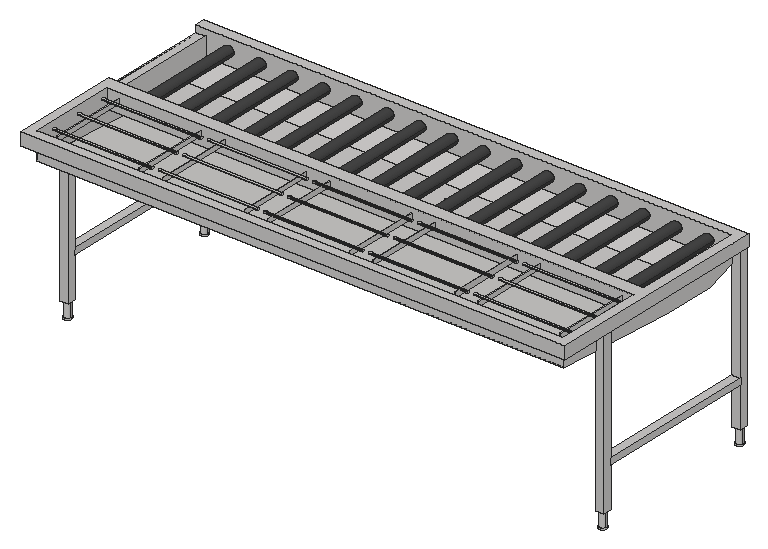
Revit family "QF_ELECTROLUXPROFESSIONAL_865259_HSMSS5RL", category Specialty Equipment, Revit 2018
Family settings
  Round Connector Dimension = Use Diameter
  Part Type = Normal
  Work Plane-Based = No
  Always vertical = Yes
  Cut with Voids When Loaded = No
  Shared = No
  Room Calculation Point = No
Parameters
  Weight = 0.00 kg
  Watts = 0 W
  Volts = 0 V
  URL Manufacturer = ""
  Steam Supply Size = 0 mm
  Steam Supply Minimum Pressure = 0.0 Pa
  Steam Supply Maximum Pressure = 0.0 Pa
  Steam Pounds per Hour = 0
  Refrigeration Suction Line Size = 0 mm
  Refrigeration Liquid Line Size = 0 mm
  Refrigerant Compressor Remote = yes
  Phase = 0
  Length Actual = 0 mm
  Item Number = ""
  Hot Water Size = 0 mm
  Height Actual = 0 mm
  HP = ""
  Gas Size = 0 mm
  Gas KW = 0
  Gas Input Pressure = 0 W
  Depth Actual = 0 mm
  Cycle = 0 Hz
  Condensate Return Size = 0 mm
  Compressed Air Volume = 0.0 L/s
  Compressed Air Size = 0 mm
  Compressed Air Pressure = 0.0 Pa
  Cold Water Size = 0 mm
  Accessory = yes
Reference planes
  plane 1: z = 0
  plane 2 "RIGHT": x = 1320
  plane 3: z = 910
  plane 4: z = 0
  plane 5: z = 300
  plane 6 "BACK": y = 310
  plane 7 "FRONT": y = -800
  plane 8 "LEFT": x = -1320
  plane 9 "Center": y = 0
Forms (mm)
  Extrusion 1, solid, material "QF_Finishes_Stainless Steel"
    sketch origin (0, 0, 0) x (-1, 0, 0) y (0, -1, 0)
      loop
        line (1320, 800) -> (-1320, 800) -> (-1320, -310) -> (1320, -310) -> (1320, -265) -> (-1275, -265) -> (-1275, 755) -> (1275, 755) -> (1275, 265) -> (1320, 265) -> (1320, 800)
    from 850.091 to 910
  Extrusion 2, solid, material "QF_Finishes_Stainless Steel"
    sketch origin (0, 0, 0) x (0, 1, 0) y (0, 0, -1)
      loop
        line (-756.248, -850.091) -> (-755, -850.091) -> (-755, -784.848) -> (-131.111, -741.138) -> (130.374, -741.138) -> (265, -784.879) -> (265, -850.091) -> (266.249, -850.091) -> (266.249, -782.13) -> (130.849, -738.138) -> (-131.216, -738.138) -> (-756.248, -781.928) -> (-756.248, -850.091)
    from -1275 to 1275
  Revolve 3, solid, material "QF_Finishes_Stainless Steel"
    sketch origin (-0.025, 0.526, -123.199) x (-1, 0, 0) y (0, 0, -1)
      loop
        line (76.494, -861.337) -> (76.494, -847.59)
        arc (76.494, -847.59) -> (75.89, -845.987) -> (74.39, -845.16) r 2.474
        arc (74.39, -845.16) -> (71.083, -841.301) -> (74.377, -837.43) r 3.913
        arc (74.377, -837.43) -> (75.887, -836.598) -> (76.494, -834.985) r 2.49
        line (76.494, -834.985) -> (76.494, -794.661)
        arc (76.494, -794.661) -> (65.844, -763.962) -> (38.457, -746.476) r 49.516
        line (38.457, -746.476) -> (38.457, -743.987) -> (37.25, -742.336) -> (37.25, -740.749) -> (23.47, -734.749) -> (23.47, -698.838) -> (21.946, -697.377) -> (0, -697.377) -> (0, -861.337) -> (76.494, -861.337)
      axis (0, -861.337) -> (0, -697.377)
    angle from 0 to 360
  Extrusion 4, solid, material "QF_Finishes_Stainless Steel"
    sketch origin (0, 0, 0) x (-1, 0, 0) y (0, -1, 0)
      loop
        line (-1275, 330.124) -> (-1275, 265) -> (1275, 265) -> (1275, 330.124) -> (-1275, 330.124)
    from 820 to 910
  Extrusion 5, solid, material "QF_Finishes_Stainless Steel"
    sketch origin (6.015, 0, -602.691) x (-1, 0, 0) y (0, -1, 0)
      loop
        line (1283.015, -266.249) -> (1323.015, -266.249) -> (1323.015, 521.738) -> (1283.015, 521.738) -> (1283.015, -266.249)
    from 872.691 to 902.691
  Extrusion 6, solid, material "QF_Finishes_Stainless Steel"
    sketch origin (-1277, 0, 0) x (0, 1, 0) y (0, 0, -1)
      loop
        line (-756.248, -781.928) -> (-756.248, -850.091) -> (-265, -850.091) -> (-265, -875) -> (265, -875) -> (265, -850.091) -> (266.249, -850.091) -> (266.249, -782.13) -> (130.849, -738.138) -> (-131.216, -738.138) -> (-756.248, -781.928)
    from 0 to -2
  Extrusion 7, solid, material "QF_Finishes_Stainless Steel"
    sketch origin (1277, 0, 0) x (0, 1, 0) y (0, 0, 1)
      loop
        line (-756.248, 850.091) -> (-756.248, 781.928) -> (-131.216, 738.138) -> (130.849, 738.138) -> (266.249, 782.13) -> (266.249, 850.091) -> (-756.248, 850.091)
    from 0 to -2
  Extrusion 8, solid, material "QF_Finishes_Stainless Steel"
    sketch origin (-6, 0.054, -598.981) x (1, 0, 0) y (0, 1, 0)
      loop
        line (1283, 266.195) -> (1283, -521.792) -> (1323, -521.792) -> (1323, 266.195) -> (1283, 266.195)
    from 869.081 to 898.981
  Extrusion 9, solid, material "QF_Finishes_Black"
    sketch origin (0, -2.5, 0) x (-1, 0, 0) y (0, 0, 1)
      loop
        circle (1162.5, 850.047) r 25
      loop
        circle (1007.5, 850.047) r 25
      loop
        circle (852.5, 850.047) r 25
      loop
        circle (697.5, 850.047) r 25
      loop
        circle (542.5, 850.047) r 25
      loop
        circle (387.5, 850.047) r 25
      loop
        circle (232.5, 850.047) r 25
      loop
        circle (77.5, 850.047) r 25
      loop
        circle (-77.5, 850.047) r 25
      loop
        circle (-232.5, 850.047) r 25
      loop
        circle (-387.5, 850.047) r 25
      loop
        circle (-542.5, 850.047) r 25
      loop
        circle (-697.5, 850.047) r 25
      loop
        circle (-852.5, 850.047) r 25
      loop
        circle (-1007.5, 850.047) r 25
      loop
        circle (-1162.5, 850.047) r 25
    from -262.5 to 267.5
  Extrusion 10, solid, material "QF_Finishes_Stainless Steel"
    sketch origin (0, -7.263, 2.863) x (-1, 0, 0) y (0, -1, 0)
      loop
        line (-1220.049, 694.438) -> (-1220.049, 322.861) -> (-1217.001, 322.861) -> (-1217.001, 694.438) -> (-1220.049, 694.438)
      loop
        line (-823.039, 694.438) -> (-823.039, 322.861) -> (-819.991, 322.861) -> (-819.991, 694.438) -> (-823.039, 694.438)
      loop
        line (-200.029, 694.438) -> (-200.029, 322.861) -> (-196.981, 322.861) -> (-196.981, 694.438) -> (-200.029, 694.438)
      loop
        line (196.981, 694.438) -> (196.981, 322.861) -> (200.029, 322.861) -> (200.029, 694.438) -> (196.981, 694.438)
      loop
        line (-710.007, 694.438) -> (-710.007, 322.861) -> (-707.023, 322.861) -> (-707.023, 694.438) -> (-710.007, 694.438)
      loop
        line (-312.998, 694.438) -> (-312.998, 322.861) -> (-310.013, 322.861) -> (-310.013, 694.438) -> (-312.998, 694.438)
      loop
        line (1220.049, 694.438) -> (1217.001, 694.438) -> (1217.001, 322.861) -> (1220.049, 322.861) -> (1220.049, 694.438)
      loop
        line (823.039, 694.438) -> (819.991, 694.438) -> (819.991, 322.861) -> (823.039, 322.861) -> (823.039, 694.438)
      loop
        line (710.007, 694.438) -> (707.023, 694.438) -> (707.023, 322.861) -> (710.007, 322.861) -> (710.007, 694.438)
      loop
        line (312.997, 694.438) -> (310.013, 694.438) -> (310.013, 322.861) -> (312.997, 322.861) -> (312.997, 694.438)
    from 860 to 881.896
  Extrusion 11, solid, material "QF_Finishes_Stainless Steel"
    sketch origin (-2327.512, 265, 0) x (0, 1, 0) y (0, 0, 1)
      loop
        circle (-937.158, 888.745) r 3.985
      loop
        circle (-788.819, 888.745) r 3.985
      loop
        circle (-640.48, 888.745) r 3.985
    from 1067.5 to 1547.5
  Extrusion 12, solid, material "QF_Finishes_Stainless Steel"
    sketch origin (-1817.533, 265, 0) x (0, 1, 0) y (0, 0, 1)
      loop
        circle (-937.158, 888.745) r 3.985
      loop
        circle (-788.819, 888.745) r 3.985
      loop
        circle (-640.48, 888.745) r 3.985
    from 1067.5 to 1547.5
  Extrusion 13, solid, material "QF_Finishes_Stainless Steel"
    sketch origin (-1307.491, 265, 0) x (0, 1, 0) y (0, 0, 1)
      loop
        circle (-937.158, 888.745) r 3.985
      loop
        circle (-788.819, 888.745) r 3.985
      loop
        circle (-640.48, 888.745) r 3.985
    from 1067.5 to 1547.5
  Extrusion 14, solid, material "QF_Finishes_Stainless Steel"
    sketch origin (-797.513, 265, 0) x (0, 1, 0) y (0, 0, 1)
      loop
        circle (-937.158, 888.745) r 3.985
      loop
        circle (-788.819, 888.745) r 3.985
      loop
        circle (-640.48, 888.745) r 3.985
    from 1067.5 to 1547.5
  Extrusion 15, solid, material "QF_Finishes_Stainless Steel"
    sketch origin (-287.471, 265, 0) x (0, 1, 0) y (0, 0, 1)
      loop
        circle (-937.158, 888.745) r 3.985
      loop
        circle (-788.819, 888.745) r 3.985
      loop
        circle (-640.48, 888.745) r 3.985
    from 1067.5 to 1547.5
  Extrusion 16, solid, material "QF_Finishes_Stainless Steel"
    sketch origin (-1767.022, 52.5, 0) x (0, 1, 0) y (0, 0, -1)
      loop
        line (-362.5, -835) -> (-362.5, -850.091) -> (-317.5, -850.091) -> (-317.5, -875) -> (212.5, -875) -> (212.5, -850.091) -> (257.5, -850.091) -> (257.5, -835) -> (242.5, -820) -> (-347.5, -820) -> (-362.5, -835)
    from -450 to -447.022
  Extrusion 17, solid, material "QF_Finishes_Stainless Steel"
    sketch origin (1280, 265, 0) x (-1, 0, 0) y (0, 0, -1)
      loop
        line (2597.022, -875) -> (2597.022, -872) -> (2557, -872) -> (2557, -875) -> (2597.022, -875)
    from 0 to 530
Cuts and joins
  joined: Extrusion 1, Extrusion 2, Revolve 3, Extrusion 4, Extrusion 6, Extrusion 7, Extrusion 10, Extrusion 11, Extrusion 12, Extrusion 13, Extrusion 14, Extrusion 15, Extrusion 16, Extrusion 17
Lines and regions (mm)
  Split face 1
    outline origin (0, -123.728, 741.138) x (0, 1, 0) y (-1, 0, 0)
      loop
        circle (123.685, -0.035) r 73.783
  Split face 2
    outline origin (0, -123.728, 741.138) x (0, 1, 0) y (-1, 0, 0)
      loop
        circle (123.685, -0.035) r 66.01
  Split face 3
    outline origin (0, -123.728, 741.138) x (0, 1, 0) y (-1, 0, 0)
      loop
        circle (123.685, -0.035) r 53.774
  Split face 4
    outline origin (0, -123.728, 741.138) x (0, 1, 0) y (-1, 0, 0)
      loop
        circle (123.685, -0.035) r 50.771
  Split face 5
    outline origin (0, -123.728, 741.138) x (0, 1, 0) y (-1, 0, 0)
      loop
        circle (123.685, -0.035) r 33.793
  Split face 6
    outline origin (0, -123.728, 741.138) x (0, 1, 0) y (-1, 0, 0)
      loop
        circle (123.685, -0.035) r 30.826
  Split face 7
    outline origin (0, -123.728, 741.138) x (0, 1, 0) y (-1, 0, 0)
      loop
        circle (123.685, -0.035) r 13.843
  Split face 8
    outline origin (0, -123.728, 741.138) x (0, 1, 0) y (-1, 0, 0)
      loop
        circle (123.685, -0.035) r 10.833
  symbolic lines
    curve 1: line (-1320, 310, 0) -> (1320, 310, 0)
    curve 2: line (-1320, -800, 0) -> (-1320, 310, 0)
    curve 3: line (1320, -800, 0) -> (-1320, -800, 0)
    curve 4: line (1320, 310, 0) -> (1320, -800, 0)
    curve 5: line (-1320, 265, 0) -> (1275, 265, 0)
    curve 6: line (-1275, -755, 0) -> (-1275, 265, 0)
    curve 7: line (1275, -755, 0) -> (-1275, -755, 0)
    curve 8: line (1275, -265, 0) -> (1275, -755, 0)
    curve 9: line (-1320, -265, 0) -> (1275, -265, 0)
    curve 10: line (1275, -330.124, 0) -> (-1275, -330.124, 0)
    curve 11: line (-1260.012, -371.495, 0) -> (-1260.012, -379.465, 0)
    curve 12: line (-1260.012, -379.465, 0) -> (-780.012, -379.465, 0)
    curve 13: line (-780.012, -379.465, 0) -> (-780.012, -371.495, 0)
    curve 14: line (-780.012, -371.495, 0) -> (-1260.012, -371.495, 0)
    curve 15: line (-1260.012, -519.834, 0) -> (-1260.012, -527.804, 0)
    curve 16: line (-1260.012, -527.804, 0) -> (-780.012, -527.804, 0)
    curve 17: line (-780.012, -527.804, 0) -> (-780.012, -519.834, 0)
    curve 18: line (-780.012, -519.834, 0) -> (-1260.012, -519.834, 0)
    curve 19: line (-1260.012, -668.173, 0) -> (-1260.012, -676.143, 0)
    curve 20: line (-1260.012, -676.143, 0) -> (-780.012, -676.143, 0)
    curve 21: line (-780.012, -676.143, 0) -> (-780.012, -668.173, 0)
    curve 22: line (-780.012, -668.173, 0) -> (-1260.012, -668.173, 0)
    curve 23: line (-1220.049, -330.124, 0) -> (-1220.049, -371.495, 0)
    curve 24: line (-1217.001, -330.124, 0) -> (-1217.001, -371.495, 0)
    curve 25: line (-1220.049, -379.465, 0) -> (-1220.049, -519.834, 0)
    curve 26: line (-1220.049, -701.7, 0) -> (-1220.049, -676.143, 0)
    curve 27: line (-1220.049, -701.7, 0) -> (-1217.001, -701.7, 0)
    curve 28: line (-1217.001, -701.7, 0) -> (-1217.001, -676.143, 0)
    curve 29: line (-1220.049, -668.173, 0) -> (-1220.049, -527.804, 0)
    curve 30: line (-1217.001, -527.804, 0) -> (-1217.001, -668.173, 0)
    curve 31: line (-1217.001, -519.834, 0) -> (-1217.001, -379.465, 0)
    curve 32: line (-823.039, -330.124, 0) -> (-823.039, -371.495, 0)
    curve 33: line (-819.992, -330.124, 0) -> (-819.992, -371.495, 0)
    curve 34: line (-823.039, -379.465, 0) -> (-823.039, -519.834, 0)
    curve 35: line (-823.039, -701.7, 0) -> (-823.039, -676.143, 0)
    curve 36: line (-823.039, -701.7, 0) -> (-819.992, -701.7, 0)
    curve 37: line (-819.992, -701.7, 0) -> (-819.992, -676.143, 0)
    curve 38: line (-823.039, -668.173, 0) -> (-823.039, -527.804, 0)
    curve 39: line (-819.992, -527.804, 0) -> (-819.992, -668.173, 0)
    curve 40: line (-819.992, -519.834, 0) -> (-819.992, -379.465, 0)
    curve 41: line (-750.033, -371.495, 0) -> (-750.033, -379.465, 0)
    curve 42: line (-750.033, -379.465, 0) -> (-270.033, -379.465, 0)
    curve 43: line (-270.033, -379.465, 0) -> (-270.033, -371.495, 0)
    curve 44: line (-270.033, -371.495, 0) -> (-750.033, -371.495, 0)
    curve 45: line (-750.033, -519.834, 0) -> (-750.033, -527.804, 0)
    curve 46: line (-750.033, -527.804, 0) -> (-270.033, -527.804, 0)
    curve 47: line (-270.033, -527.804, 0) -> (-270.033, -519.834, 0)
    curve 48: line (-270.033, -519.834, 0) -> (-750.033, -519.834, 0)
    curve 49: line (-750.033, -668.173, 0) -> (-750.033, -676.143, 0)
    curve 50: line (-750.033, -676.143, 0) -> (-270.033, -676.143, 0)
    curve 51: line (-270.033, -676.143, 0) -> (-270.033, -668.173, 0)
    curve 52: line (-270.033, -668.173, 0) -> (-750.033, -668.173, 0)
    curve 53: line (-710.071, -330.124, 0) -> (-710.071, -371.495, 0)
    curve 54: line (-707.023, -330.124, 0) -> (-707.023, -371.495, 0)
    curve 55: line (-710.071, -379.465, 0) -> (-710.071, -519.834, 0)
    curve 56: line (-710.071, -701.7, 0) -> (-710.071, -676.143, 0)
    curve 57: line (-710.071, -701.7, 0) -> (-707.023, -701.7, 0)
    curve 58: line (-707.023, -701.7, 0) -> (-707.023, -676.143, 0)
    curve 59: line (-710.071, -668.173, 0) -> (-710.071, -527.804, 0)
    curve 60: line (-707.023, -527.804, 0) -> (-707.023, -668.173, 0)
    curve 61: line (-707.023, -519.834, 0) -> (-707.023, -379.465, 0)
    curve 62: line (-313.061, -330.124, 0) -> (-313.061, -371.495, 0)
    curve 63: line (-310.013, -330.124, 0) -> (-310.013, -371.495, 0)
    curve 64: line (-313.061, -379.465, 0) -> (-313.061, -519.834, 0)
    curve 65: line (-313.061, -701.7, 0) -> (-313.061, -676.143, 0)
    curve 66: line (-313.061, -701.7, 0) -> (-310.013, -701.7, 0)
    curve 67: line (-310.013, -701.7, 0) -> (-310.013, -676.143, 0)
    curve 68: line (-313.061, -668.173, 0) -> (-313.061, -527.804, 0)
    curve 69: line (-310.013, -527.804, 0) -> (-310.013, -668.173, 0)
    curve 70: line (-310.013, -519.834, 0) -> (-310.013, -379.465, 0)
    curve 71: line (-239.991, -371.495, 0) -> (-239.991, -379.465, 0)
    curve 72: line (-239.991, -379.465, 0) -> (240.009, -379.465, 0)
    curve 73: line (240.009, -379.465, 0) -> (240.009, -371.495, 0)
    curve 74: line (240.009, -371.495, 0) -> (-239.991, -371.495, 0)
    curve 75: line (-239.991, -519.834, 0) -> (-239.991, -527.804, 0)
    curve 76: line (-239.991, -527.804, 0) -> (240.009, -527.804, 0)
    curve 77: line (240.009, -527.804, 0) -> (240.009, -519.834, 0)
    curve 78: line (240.009, -519.834, 0) -> (-239.991, -519.834, 0)
    curve 79: line (-239.991, -668.173, 0) -> (-239.991, -676.143, 0)
    curve 80: line (-239.991, -676.143, 0) -> (240.009, -676.143, 0)
    curve 81: line (240.009, -676.143, 0) -> (240.009, -668.173, 0)
    curve 82: line (240.009, -668.173, 0) -> (-239.991, -668.173, 0)
    curve 83: line (-200.029, -330.124, 0) -> (-200.029, -371.495, 0)
    curve 84: line (-196.981, -330.124, 0) -> (-196.981, -371.495, 0)
    curve 85: line (-200.029, -379.465, 0) -> (-200.029, -519.834, 0)
    curve 86: line (-200.029, -701.7, 0) -> (-200.029, -676.143, 0)
    curve 87: line (-200.029, -701.7, 0) -> (-196.981, -701.7, 0)
    curve 88: line (-196.981, -701.7, 0) -> (-196.981, -676.143, 0)
    curve 89: line (-200.029, -668.173, 0) -> (-200.029, -527.804, 0)
    curve 90: line (-196.981, -527.804, 0) -> (-196.981, -668.173, 0)
    curve 91: line (-196.981, -519.834, 0) -> (-196.981, -379.465, 0)
    curve 92: line (196.981, -330.124, 0) -> (196.981, -371.495, 0)
    curve 93: line (200.029, -330.124, 0) -> (200.029, -371.495, 0)
    curve 94: line (196.981, -379.465, 0) -> (196.981, -519.834, 0)
    curve 95: line (196.981, -701.7, 0) -> (196.981, -676.143, 0)
    curve 96: line (196.981, -701.7, 0) -> (200.029, -701.7, 0)
    curve 97: line (200.029, -701.7, 0) -> (200.029, -676.143, 0)
    curve 98: line (196.981, -668.173, 0) -> (196.981, -527.804, 0)
    curve 99: line (200.029, -527.804, 0) -> (200.029, -668.173, 0)
    curve 100: line (200.029, -519.834, 0) -> (200.029, -379.465, 0)
    curve 101: line (269.987, -371.495, 0) -> (269.987, -379.465, 0)
    curve 102: line (269.987, -379.465, 0) -> (749.987, -379.465, 0)
    curve 103: line (749.987, -379.465, 0) -> (749.987, -371.495, 0)
    curve 104: line (749.987, -371.495, 0) -> (269.987, -371.495, 0)
    curve 105: line (269.987, -519.834, 0) -> (269.987, -527.804, 0)
    curve 106: line (269.987, -527.804, 0) -> (749.987, -527.804, 0)
    curve 107: line (749.987, -527.804, 0) -> (749.987, -519.834, 0)
    curve 108: line (749.987, -519.834, 0) -> (269.987, -519.834, 0)
    curve 109: line (269.987, -668.173, 0) -> (269.987, -676.143, 0)
    curve 110: line (269.987, -676.143, 0) -> (749.987, -676.143, 0)
    curve 111: line (749.987, -676.143, 0) -> (749.987, -668.173, 0)
    curve 112: line (749.987, -668.173, 0) -> (269.987, -668.173, 0)
    curve 113: line (309.95, -330.124, 0) -> (309.95, -371.495, 0)
    curve 114: line (312.998, -330.124, 0) -> (312.998, -371.495, 0)
    curve 115: line (309.95, -379.465, 0) -> (309.95, -519.834, 0)
    curve 116: line (309.95, -701.7, 0) -> (309.95, -676.143, 0)
    curve 117: line (309.95, -701.7, 0) -> (312.998, -701.7, 0)
    curve 118: line (312.998, -701.7, 0) -> (312.998, -676.143, 0)
    curve 119: line (309.95, -668.173, 0) -> (309.95, -527.804, 0)
    curve 120: line (312.998, -527.804, 0) -> (312.998, -668.173, 0)
    curve 121: line (312.998, -519.834, 0) -> (312.998, -379.465, 0)
    curve 122: line (706.959, -330.124, 0) -> (706.959, -371.495, 0)
    curve 123: line (710.007, -330.124, 0) -> (710.007, -371.495, 0)
    curve 124: line (706.959, -379.465, 0) -> (706.959, -519.834, 0)
    curve 125: line (706.959, -701.7, 0) -> (706.959, -676.143, 0)
    curve 126: line (706.959, -701.7, 0) -> (710.007, -701.7, 0)
    curve 127: line (710.007, -701.7, 0) -> (710.007, -676.143, 0)
    curve 128: line (706.959, -668.173, 0) -> (706.959, -527.804, 0)
    curve 129: line (710.007, -527.804, 0) -> (710.007, -668.173, 0)
    curve 130: line (710.007, -519.834, 0) -> (710.007, -379.465, 0)
    curve 131: line (780.029, -371.495, 0) -> (780.029, -379.465, 0)
    curve 132: line (780.029, -379.465, 0) -> (1260.029, -379.465, 0)
    curve 133: line (1260.029, -379.465, 0) -> (1260.029, -371.495, 0)
    curve 134: line (1260.029, -371.495, 0) -> (780.029, -371.495, 0)
    curve 135: line (780.029, -519.834, 0) -> (780.029, -527.804, 0)
    curve 136: line (780.029, -527.804, 0) -> (1260.029, -527.804, 0)
    curve 137: line (1260.029, -527.804, 0) -> (1260.029, -519.834, 0)
    curve 138: line (1260.029, -519.834, 0) -> (780.029, -519.834, 0)
    curve 139: line (780.029, -668.173, 0) -> (780.029, -676.143, 0)
    curve 140: line (780.029, -676.143, 0) -> (1260.029, -676.143, 0)
    curve 141: line (1260.029, -676.143, 0) -> (1260.029, -668.173, 0)
    curve 142: line (1260.029, -668.173, 0) -> (780.029, -668.173, 0)
    curve 143: line (819.991, -330.124, 0) -> (819.991, -371.495, 0)
    curve 144: line (823.039, -330.124, 0) -> (823.039, -371.495, 0)
    curve 145: line (819.991, -379.465, 0) -> (819.991, -519.834, 0)
    curve 146: line (819.991, -701.7, 0) -> (819.991, -676.143, 0)
    curve 147: line (819.991, -701.7, 0) -> (823.039, -701.7, 0)
    curve 148: line (823.039, -701.7, 0) -> (823.039, -676.143, 0)
    curve 149: line (819.991, -668.173, 0) -> (819.991, -527.804, 0)
    curve 150: line (823.039, -527.804, 0) -> (823.039, -668.173, 0)
    curve 151: line (823.039, -519.834, 0) -> (823.039, -379.465, 0)
    curve 152: line (1217.001, -330.124, 0) -> (1217.001, -371.495, 0)
    curve 153: line (1220.049, -330.124, 0) -> (1220.049, -371.495, 0)
    curve 154: line (1217.001, -379.465, 0) -> (1217.001, -519.834, 0)
    curve 155: line (1217.001, -701.7, 0) -> (1217.001, -676.143, 0)
    curve 156: line (1217.001, -701.7, 0) -> (1220.049, -701.7, 0)
    curve 157: line (1220.049, -701.7, 0) -> (1220.049, -676.143, 0)
    curve 158: line (1217.001, -668.173, 0) -> (1217.001, -527.804, 0)
    curve 159: line (1220.049, -527.804, 0) -> (1220.049, -668.173, 0)
    curve 160: line (1220.049, -519.834, 0) -> (1220.049, -379.465, 0)
    curve 161: line (-1187.5, 265, 0) -> (-1187.5, -265, 0)
    curve 162: line (-1137.5, -265, 0) -> (-1137.5, 265, 0)
    curve 163: line (-1032.5, 265, 0) -> (-1032.5, -265, 0)
    curve 164: line (-982.5, -265, 0) -> (-982.5, 265, 0)
    curve 165: line (-877.5, 265, 0) -> (-877.5, -265, 0)
    curve 166: line (-827.5, -265, 0) -> (-827.5, 265, 0)
    curve 167: line (-722.5, 265, 0) -> (-722.5, -265, 0)
    curve 168: line (-672.5, -265, 0) -> (-672.5, 265, 0)
    curve 169: line (-567.5, 265, 0) -> (-567.5, -265, 0)
    curve 170: line (-517.5, -265, 0) -> (-517.5, 265, 0)
    curve 171: line (-412.5, 265, 0) -> (-412.5, -265, 0)
    curve 172: line (-362.5, -265, 0) -> (-362.5, 265, 0)
    curve 173: line (-257.5, 265, 0) -> (-257.5, -265, 0)
    curve 174: line (-207.5, -265, 0) -> (-207.5, 265, 0)
    curve 175: line (-102.5, 265, 0) -> (-102.5, -265, 0)
    curve 176: line (-52.5, -265, 0) -> (-52.5, 265, 0)
    curve 177: line (52.5, 265, 0) -> (52.5, -265, 0)
    curve 178: line (102.5, -265, 0) -> (102.5, 265, 0)
    curve 179: line (207.5, 265, 0) -> (207.5, -265, 0)
    curve 180: line (257.5, -265, 0) -> (257.5, 265, 0)
    curve 181: line (362.5, 265, 0) -> (362.5, -265, 0)
    curve 182: line (412.5, -265, 0) -> (412.5, 265, 0)
    curve 183: line (517.5, 265, 0) -> (517.5, -265, 0)
    curve 184: line (567.5, -265, 0) -> (567.5, 265, 0)
    curve 185: line (672.5, 265, 0) -> (672.5, -265, 0)
    curve 186: line (722.5, -265, 0) -> (722.5, 265, 0)
    curve 187: line (827.5, 265, 0) -> (827.5, -265, 0)
    curve 188: line (877.5, -265, 0) -> (877.5, 265, 0)
    curve 189: line (982.5, 265, 0) -> (982.5, -265, 0)
    curve 190: line (1032.5, -265, 0) -> (1032.5, 265, 0)
    curve 191: line (1137.5, 265, 0) -> (1137.5, -265, 0)
    curve 192: line (1187.5, -265, 0) -> (1187.5, 265, 0)
    curve 193: line (1275, 265, 0) -> (1275, -265, 0)
    curve 194: line (1320, 0, 0) -> (1290, 0, 0)
    curve 195: arc (76.471, 0.526, 0) -> (-0.025, -75.97, 0) -> (-76.521, 0.526, 0) r 76.496
    curve 196: arc (-76.521, 0.526, 0) -> (-0.025, 77.021, 0) -> (76.471, 0.526, 0) r 76.496
    curve 197: arc (21.921, 0.526, 0) -> (-0.025, 22.472, 0) -> (-21.971, 0.526, 0) r 21.946
    curve 198: arc (-21.971, 0.526, 0) -> (-0.025, -21.421, 0) -> (21.921, 0.526, 0) r 21.946
Dimensions and locks
  plane 3 to level = 910 mm
  plane 8 "LEFT" to plane 2 "RIGHT" = 2640 mm
  aligned and locked: level to plane 1
Nested families
  nested 1: "Foot_40x40" at (-1297, -541.738, 0), type "Foot_40x40"
    with A 850.091 mm
  nested 2: "Foot_40x40" at (-1297, 286.249, 0), type "Foot_40x40"
    with A 850.091 mm
  nested 3: "Foot_40x40" at (1297, 286.249, 0), type "Foot_40x40"
    with A 850.091 mm
  nested 4: "Foot_40x40" at (1297, -541.738, 0), type "Foot_40x40"
    with A 850.091 mm
Connectors
  piping at (-0.025, 0.526, 574.178), diameter 30
    settings: on cut or joined group of Extrusion 1, Extrusion 2, Revolve 3, Extrusion 4, Extrusion 6, Extrusion 7, Extrusion 10, Extrusion 11, Extrusion 12, Extrusion 13, Extrusion 14, Extrusion 15, Extrusion 16, Extrusion 17, index 1, connector inside diameter 609.6 mm, connector length 0 mm, flow factor 0, pipe flow 0.0 L/s, pressure drop 0.0 Pa, fitting loss kfactor 0, connector angle 0.00°, fixture units 0, engagement length 0 mm, angle of deflection 0.00°, flow configuration 1, flow direction 2, fitting loss method 0, system type 16, joint type 0, gender type 0, connector reference index -1, connector utility 0, adjustable connector no, is connector primary yes, connector description "Drain"
Definition of nested family "Foot_40x40"
  Parameters
    A [instance] = 850 mm
  Reference planes
    plane 1 "Centro (Fronte/Retro)": y = 0
    plane 2: z = 0
    plane 3 "Centro (Sinistra/Destra)": x = 0
    plane 4: z = 850
  Forms (mm)
    Extrusion 1, solid
      sketch origin (0, 0, 0) x (1, 0, 0) y (0, 1, 0)
        loop
          circle (0, 0) r 18
      from 0 to 5
    Extrusion 2, solid
      sketch origin (0, 0, 5) x (1, 0, 0) y (0, 1, 0)
        loop
          circle (0, 0) r 15
      from 0 to 70
    Extrusion 3, solid
      sketch origin (0, 0, 75) x (1, 0, 0) y (0, 1, 0)
        loop
          line (-20, 20) -> (-20, -20) -> (20, -20) -> (20, 20) -> (-20, 20)
      from 0 to 775
  Dimensions and locks
    "A": plane 4 to plane 2
    aligned and locked: level to plane 2
    aligned and locked: plane 4 to Extrusion 3
    aligned and locked: Extrusion 1 to level
  Automatic sketch dimensions
    plane 1 "Centro (Fronte/Retro)" to Extrusion 1 sketch curve = 0 mm
    Extrusion 1 sketch curve to plane 3 "Centro (Sinistra/Destra)" = 0 mm
    Extrusion 3 sketch curve to Extrusion 3 sketch curve = 40 mm  (x2)
    radius of Extrusion 1 sketch curve = 18 mm
    radius of Extrusion 2 sketch curve to Extrusion 1 = 3 mm
